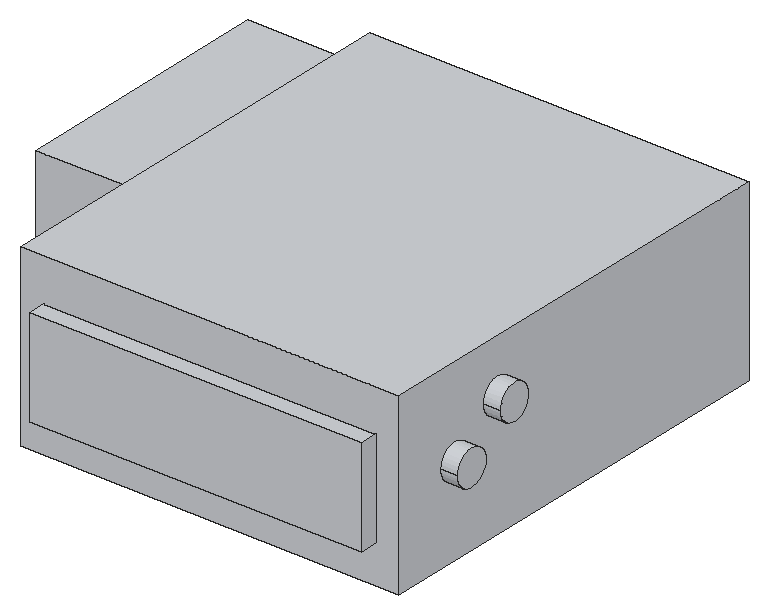
Revit family "M_Aquecedor de unidade - Armário - Horizontal oculto", category Equipamento mecânico, Revit 2019
Family settings
  Cota do conector redondo = Usar raio
  Tipo de parte = Normal
  Número OmniClass = 23.75.70.17.34
  Título OmniClass = Unit Heaters
  ID de item do Seek = Unit Heater - Cabinet - Horizontal Concealed-0000-CAN-ENU
  Com base no plano de trabalho = Não
  Sempre na vertical = Sim
  Corte com vazios quando carregada = Não
  Compartilhado = Não
  Ponto de cálculo do ambiente = Não
Parameters (values of type "6 kW")
  Temperatura do fornecimento de água [instance] = 93.33 °C
  Queda de pressão da água [instance] = 344737.8 Pa
  Fluxo da água [instance] = 0.13 L/s
  Largura da saída = Comprimento da grelha de descarga  # 450 mm
  Altura da saída = Altura da grelha de descarga  # 75 mm
  Largura interna = Comprimento da grelha interna  # 475 mm
  Altura interna = Altura da grelha interna  # 140 mm
  Comprimento da grelha interna = 475 mm
  Altura da grelha interna = 140 mm
  Comprimento de meia grelha interna = Comprimento da grelha interna * 1 / 2  # 237.5 mm
  Altura de meia grelha interna = Altura da grelha interna * 1 / 2  # 70 mm
  Raio da embocadura = 25 mm
  Diâmetro da embocadura = Raio da embocadura * 2  # 50 mm
  Raio da saída = 25 mm
  Diâmetro da saída = Raio da saída * 2  # 50 mm
  Carga do aquecimento [instance] = 5861.42 W
  Material do aquecedor = none
  Comprimento do aquecedor = 542.9 mm
  Altura do aquecedor = 255.6 mm
  Comprimento da grelha de descarga = 450 mm
  Altura da grelha de descarga = 75 mm
  Meio comprimento da grelha de descarga = Comprimento da grelha de descarga * 1 / 2  # 225 mm
  Meia altura da grelha de descarga = Altura da grelha de descarga * 1 / 2  # 37.5 mm
  Assembly Code = ""
  Fluxo de ar [instance] = 158.1 L/s
Types (5, lengths in mm): name | Fluxo da água | Largura da saída | Largura interna | Comprimento da grelha interna | Comprimento de meia grelha interna | Carga do aquecimento | Comprimento do aquecedor | Comprimento da grelha de descarga | Meio comprimento da grelha de descarga | Fluxo de ar
  6 kW | 0.13 L/s | 450 | 475 | 475 | 237.5 | 5861.42 W | 542.9 | 450 | 225 | 158.1 L/s
  23 kW | 0.5 L/s | 1500 | 1500 | 1500 | 750 | 23445.7 W | 1609.7 | 1500 | 750 | 665.45 L/s
  9 kW | 0.19 L/s | 550 | 600 | 600 | 300 | 8792.13 W | 669.9 | 550 | 275 | 202.94 L/s
  12 kW | 0.32 L/s | 800 | 850 | 850 | 425 | 11722.8 W | 911.2 | 800 | 400 | 297.33 L/s
  15 kW | 0.32 L/s | 1000 | 1050 | 1050 | 525 | 14653.5 W | 1127.1 | 1000 | 500 | 405.87 L/s
Reference planes
  plane 1 "Centro (Frente/Trás)": y = 0
  plane 2: z = 0
  plane 3 "Centro (Esquerda/Direita)": x = 0
  plane 4: x = -542.9
  plane 5: y = 625.475
  plane 6: y = 650.875
  plane 7: x = -271.45
  plane 8: x = -496.45
  plane 9: x = -46.45
  plane 10: z = 230.2
  plane 11: z = 155.2
  plane 12: y = -25.4
  plane 13: x = -508.95
  plane 14: x = -33.95
  plane 15 "IGH": z = 123.975
  plane 16: z = 193.975
  plane 17: z = 53.975
  plane 18: y = 98.425
  plane 19: y = 174.625
  plane 20: x = 25.4
  plane 21 "Retorno hidrônico": z = 179.4
  plane 22 "Fornecimento hidrônico": z = 128.6
  plane 23: x = -676.25
  plane 24: y = 574.675
  plane 25: y = 193.675
  plane 26: z = 53.975
  plane 27: z = 247.65
  plane 28: z = 255.6
  plane 29: y = 199.625
  plane 30: y = 149.625
  plane 31: y = 123.425
  plane 32: y = 73.425
  plane 33 "DGH": z = 192.7
Forms (mm)
  Extrusion 1, solid, material <- "Material do aquecedor"
    sketch origin (0, 0, 0) x (1, 0, 0) y (0, 1, 0)
      loop
        line (-542.9, 625.475) -> (-542.9, 0) -> (0, 0) -> (0, 625.475) -> (-542.9, 625.475)
    from 0 to 255.6
  Extrusion 2, solid, material <- "Material do aquecedor", detail levels fine
    sketch origin (0, 0, 0) x (1, 0, 0) y (0, 1, 0)
      loop
        line (-496.45, 650.875) -> (-496.45, 625.475) -> (-46.45, 625.475) -> (-46.45, 650.875) -> (-496.45, 650.875)
    from 155.2 to 230.2
  Extrusion 3, solid, material <- "Material do aquecedor", detail levels fine
    sketch origin (0, 0, 0) x (1, 0, 0) y (0, 1, 0)
      loop
        line (-508.95, 0) -> (-508.95, -25.4) -> (-33.75, -25.4) -> (-33.75, 0) -> (-508.95, 0)
    from 53.975 to 193.975
  Extrusion 4, solid, material <- "Material do aquecedor", detail levels fine
    sketch origin (0, 0, 0) x (0, 1, 0) y (0, 0, 1)
      loop
        circle (98.425, 128.6) r 25
    from 0 to 25.4
  Extrusion 5, solid, material <- "Material do aquecedor", detail levels fine
    sketch origin (0, 0, 0) x (0, 1, 0) y (0, 0, 1)
      loop
        circle (174.625, 179.4) r 25
    from 0 to 25.4
  Extrusion 6, solid, material <- "Material do aquecedor"
    sketch origin (0, 0, 0) x (1, 0, 0) y (0, 1, 0)
      loop
        line (-676.25, 574.675) -> (-676.25, 193.675) -> (-542.9, 193.675) -> (-542.9, 574.675) -> (-676.25, 574.675)
    from 53.975 to 247.65
Lines and regions (mm)
  symbolic lines
    curve 1: line (-542.9, 625.475, 0) -> (0, 625.475, 0)
    curve 2: line (-676.25, 574.675, 0) -> (-542.9, 574.675, 0)
    curve 3: line (-676.25, 193.675, 0) -> (-676.25, 574.675, 0)
    curve 4: line (-542.9, 193.675, 0) -> (-676.25, 193.675, 0)
  model lines, detail levels coarse+medium
    curve 5: line (0, 98.425, 128.6) -> (25.4, 98.425, 128.6)
    curve 6: line (0, 174.625, 179.4) -> (25.4, 174.625, 179.4)
  model lines, detail levels coarse
    curve 7: line (-271.45, 625.475, 192.7) -> (-271.45, 650.875, 192.7)
    curve 11: line (-271.45, 0, 123.975) -> (-271.45, -25.4, 123.975)
  model lines, detail levels medium
    curve 8: line (-496.45, 625.475, 192.7) -> (-496.45, 650.875, 192.7)
    curve 9: line (-46.45, 625.475, 192.7) -> (-46.45, 650.875, 192.7)
    curve 10: line (-508.95, 0, 123.975) -> (-508.95, -25.4, 123.975)
    curve 12: line (-33.95, 0, 123.975) -> (-33.95, -25.4, 123.975)
Dimensions and locks
  plane 5 to plane 1 "Centro (Frente/Trás)" = 625.475 mm
  "Comprimento do aquecedor": plane 4 to plane 3 "Centro (Esquerda/Direita)"
  locked: plane 6 to plane 5 at 25.4
  equal spacing: plane 4, plane 7, plane 3 "Centro (Esquerda/Direita)"
  "Meio comprimento da grelha de descarga": plane 8 to plane 7
  "Meio comprimento da grelha de descarga": plane 7 to plane 9
  "Altura da grelha de descarga": plane 10 to plane 11
  locked: plane 12 to plane 1 "Centro (Frente/Trás)" at 25.4
  "Comprimento de meia grelha interna": plane 13 to plane 7
  "Comprimento de meia grelha interna": plane 7 to plane 14
  plane 15 "IGH" to level = 123.975 mm
  "Altura de meia grelha interna": plane 16 to plane 15 "IGH"
  "Altura de meia grelha interna": plane 15 "IGH" to plane 17
  locked: plane 1 "Centro (Frente/Trás)" to plane 18 at 98.425
  locked: plane 3 "Centro (Esquerda/Direita)" to plane 20 at 25.4
  locked: plane 21 "Retorno hidrônico" to plane 22 "Fornecimento hidrônico" at 50.8
  locked: plane 18 to plane 19 at 76.2
  locked: plane 23 to plane 4 at 133.35
  locked: plane 5 to plane 24 at 50.8
  locked: plane 24 to plane 25 at 381
  locked: plane 26 to plane 2 at 53.975
  plane 27 to plane 26 = 193.675 mm
  "Altura do aquecedor": plane 28 to plane 2
  "Raio da saída": plane 29 to plane 19
  "Raio da saída": plane 19 to plane 30
  "Raio da embocadura": plane 31 to plane 18
  "Raio da embocadura": plane 18 to plane 32
  equal spacing: plane 10, plane 33 "DGH", plane 11
  plane 21 "Retorno hidrônico" to plane 16 = 14.575 mm
  locked: plane 28 to plane 21 "Retorno hidrônico" at 76.2
  locked: plane 17 to plane 2 at 53.975
  locked: plane 28 to plane 10 at 25.4
  "Raio da embocadura": radius of Extrusion 4 sketch curve
  "Raio da saída": radius of Extrusion 5 sketch curve
  aligned and locked: plane 5 to Extrusion 1
  aligned and locked: plane 1 "Centro (Frente/Trás)" to Extrusion 1
  aligned and locked: Extrusion 1 to plane 4
  aligned and locked: Extrusion 2 to plane 5
  aligned and locked: plane 6 to Extrusion 2
  aligned and locked: plane 9 to Extrusion 2
  aligned and locked: plane 8 to Extrusion 2
  aligned and locked: plane 10 to Extrusion 2
  aligned and locked: Extrusion 2 to plane 11
  aligned and locked: Extrusion 2 to plane 6
  aligned and locked: Extrusion 3 to plane 1 "Centro (Frente/Trás)"
  aligned and locked: Extrusion 3 to plane 12  (x3)
  aligned and locked: Extrusion 3 to plane 13
  aligned and locked: plane 16 to Extrusion 3
  aligned and locked: plane 17 to Extrusion 3
  aligned and locked: plane 18 to Extrusion 4 sketch curve
  aligned and locked: plane 20 to Extrusion 4
  aligned and locked: plane 22 "Fornecimento hidrônico" to Extrusion 4 sketch curve
  aligned and locked: plane 21 "Retorno hidrônico" to Extrusion 5 sketch curve
  aligned and locked: plane 19 to Extrusion 5 sketch curve
  aligned and locked: plane 20 to Extrusion 5
  aligned and locked: Extrusion 5 to plane 3 "Centro (Esquerda/Direita)"
  aligned and locked: Extrusion 4 to plane 3 "Centro (Esquerda/Direita)"
  aligned and locked: plane 4 to Extrusion 6
  aligned and locked: plane 24 to Extrusion 6
  aligned and locked: Extrusion 6 to plane 23
  aligned and locked: Extrusion 6 to plane 26
  aligned and locked: plane 27 to Extrusion 6
  aligned and locked: plane 28 to Extrusion 1
  aligned and locked: Extrusion 1 to plane 2
  aligned and locked: curve 1 to plane 5
  aligned and locked: plane 25 to curve 4
  aligned and locked: curve 2 to plane 24
  aligned and locked: plane 23 to curve 3
  aligned and locked: curve 5 to plane 18
  aligned and locked: curve 8 to plane 8
  aligned and locked: plane 9 to curve 9
  aligned and locked: curve 10 to plane 13
  aligned and locked: plane 14 to curve 12
  aligned and locked: plane 7 to curve 11
Automatic sketch dimensions
  Extrusion 1 sketch curve to plane 1 "Centro (Frente/Trás)" = 0 mm
  Extrusion 1 sketch curve to plane 5 = 0 mm
  Extrusion 1 sketch curve to plane 3 "Centro (Esquerda/Direita)" = 0 mm
  Extrusion 1 sketch curve to plane 4 = 0 mm
  Extrusion 2 sketch curve to plane 6 = 25.4 mm
  plane 4 to Extrusion 2 sketch curve = 46.45 mm
  Extrusion 2 sketch curve to plane 3 "Centro (Esquerda/Direita)" = 46.45 mm
  Extrusion 2 sketch curve to Extrusion 2 sketch curve = 25.4 mm
  plane 1 "Centro (Frente/Trás)" to Extrusion 3 sketch curve = 25.4 mm
  plane 8 to Extrusion 3 sketch curve = 12.5 mm
  plane 9 to Extrusion 3 sketch curve = 12.7 mm
  Extrusion 3 sketch curve to plane 1 "Centro (Frente/Trás)" = 0 mm
  plane 18 to Extrusion 6 sketch curve = 95.25 mm
  Extrusion 6 sketch curve to plane 23 = 0 mm
  plane 23 to Extrusion 6 sketch curve = 133.35 mm
  Extrusion 6 sketch curve to plane 6 = 76.2 mm
  curve 5 to plane 20 = 0 mm
  curve 5 to plane 3 "Centro (Esquerda/Direita)" = 0 mm
  curve 6 to plane 20 = 0 mm
  curve 6 to plane 3 "Centro (Esquerda/Direita)" = 0 mm
  curve 7 to plane 6 = 0 mm
  curve 8 to plane 6 = 0 mm
  curve 9 to plane 6 = 0 mm
  curve 9 to plane 5 = 0 mm
  curve 8 to plane 5 = 0 mm
  curve 7 to plane 5 = 0 mm
  curve 7 to plane 7 = 0 mm
  curve 10 to plane 12 = 0 mm
  curve 11 to plane 12 = 0 mm
  curve 12 to plane 12 = 0 mm
  curve 12 to plane 1 "Centro (Frente/Trás)" = 0 mm
  curve 10 to plane 1 "Centro (Frente/Trás)" = 0 mm
  curve 11 to plane 1 "Centro (Frente/Trás)" = 0 mm
  curve 1 to plane 3 "Centro (Esquerda/Direita)" = 0 mm
  curve 2 to plane 4 = 0 mm
  curve 4 to plane 4 = 0 mm
  curve 1 to plane 4 = 0 mm
  curve 6 to plane 19 = 0 mm
Connectors
  piping at (25.4, 174.625, 179.4), diameter 50, driven by "Fluxo da água", driven by "Raio da saída", driven by "Queda de pressão da água"
    settings: on Extrusion 5, index 1, connector inside diameter 50 mm, connector length 0 mm, flow factor 0, pipe flow 0.13 L/s, pressure drop 344737.8 Pa, fitting loss kfactor 0, connector angle 0.00°, fixture units 0, engagement length 0 mm, angle of deflection 0.00°, flow configuration 1, flow direction 2, fitting loss method 4, system type 8, joint type 0, gender type 0, connector reference index 2, connector utility 0, adjustable connector no, is connector primary yes, connector description "Saída de água"
  piping at (25.4, 98.425, 128.6), diameter 50, driven by "Fluxo da água", driven by "Raio da embocadura"
    settings: on Extrusion 4, index 2, connector inside diameter 50 mm, connector length 0 mm, flow factor 0, pipe flow 0.13 L/s, pressure drop 0.0 Pa, fitting loss kfactor 0, connector angle 0.00°, fixture units 0, engagement length 0 mm, angle of deflection 0.00°, flow configuration 1, flow direction 1, fitting loss method 0, system type 7, joint type 0, gender type 0, connector reference index 1, connector utility 0, adjustable connector no, is connector primary no, connector description "Entrada de água"
  hvac at (-271.45, 650.875, 192.7), driven by "Fluxo de ar", driven by "Altura da saída", driven by "Largura da saída"
    settings: on Extrusion 2, index 3, duct flow 158.1 L/s, flow factor 0, pres drop 0.0 Pa, loss coef 0, conn angle 0.00°, conn width 450 mm, conn height 75 mm, conn diameter 609.6 mm, duct sys type 1, conn prof type 1, flow config 0, flow direction 2, loss method 0, conn ref index 4, conn util no, is conn primary yes, conn desc ""
  hvac at (-271.35, -25.4, 123.975), driven by "Fluxo de ar", driven by "Altura interna", driven by "Largura interna"
    settings: on Extrusion 3, index 4, duct flow 158.1 L/s, flow factor 0, pres drop 0.0 Pa, loss coef 0, conn angle 0.00°, conn width 475 mm, conn height 140 mm, conn diameter 609.6 mm, duct sys type 2, conn prof type 1, flow config 0, flow direction 1, loss method 0, conn ref index 3, conn util no, is conn primary no, conn desc ""
